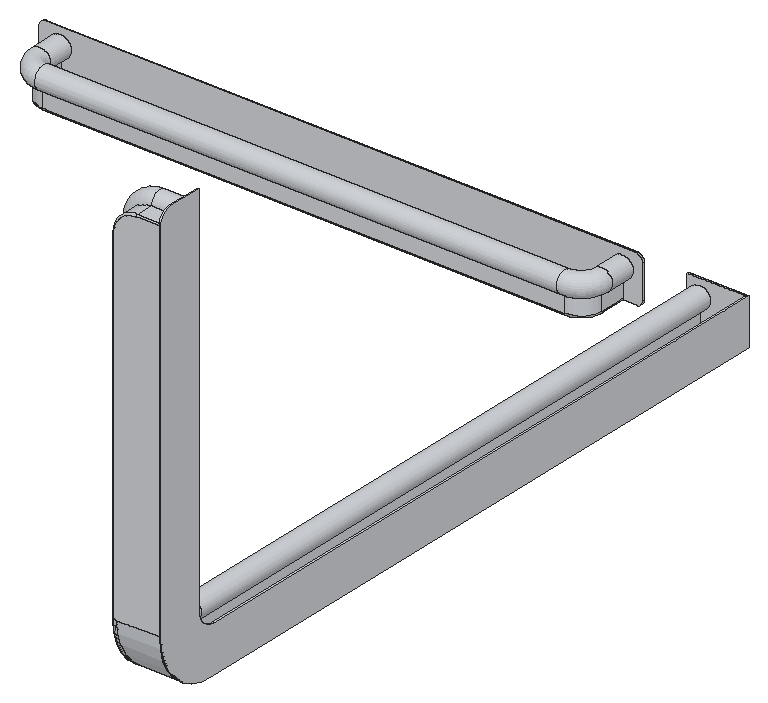
Revit family "AL1095+1096_AnitLigatureToilet Rail", category Generic Models, Revit 2013
Parameters
  Type Comments = ""
  Model = "AL1095/AL1096"
  Manufacturer = "SURE CARE"
  Description = "Anti Ligature Toilet Rail Set"
Reference planes
  plane 1 "Center (Front/Back)": y = 0
  plane 2: z = 0
  plane 3 "Center (Left/Right)": x = 0
  plane 4: z = 800
  plane 5: y = -1050
  plane 6: z = 784
Dimensions and locks
  aligned and locked: level to plane 2
  aligned and locked: plane 3 "Center (Left/Right)" to nested 2
  aligned and locked: plane 1 "Center (Front/Back)" to nested 2
  aligned and locked: plane 1 "Center (Front/Back)" to nested 1
Nested families
  nested 1: "Sub_Component_1095-1096" at (-155, 0, 0), type "Sub_Component_1095-1096"
  nested 2: "Sub_Component_1095-1096-1" at (0, 0, 0), type "Sub_Component_1095-1096-1"
Definition of nested family "Sub_Component_1095-1096"
  Parameters (values of type "Sub_Component_1095-1096")
    URL = "http://www.surecare.com.au"
    Side A Length (Back) = 900 mm
    Model = "AL"
    Manufacturer = "SURE CARE"
    Description = "Anti Ligature Grab Rail"
  Reference planes
    plane 1 "Center (Front/Back)": y = 0
    plane 2: z = 0
    plane 3 "Center (Left/Right)": x = 0
    plane 4 "Back Rail Center": y = -71
    plane 5 "Back Rail End": x = -869
    plane 6 "Rail Center Height": z = 784
    plane 7: z = 800
    plane 8: x = -900
    plane 9: x = -31
  Forms (mm)
    Sweep 1, solid
      path origin (0, 0, 784) x (-1, 0, 0) y (0, -1, 0)
        loop
          line (868, 2) -> (868, 41)
          arc (868, 41) -> (859.213, 62.213) -> (838, 71) r 30
          line (838, 71) -> (61, 71)
          arc (61, 71) -> (39.787, 62.213) -> (31, 41) r 30
          line (31, 41) -> (31, 2)
      profile origin (-868, -21.5, 784) x (1, 0, 0) y (0, 0, 1)
        loop
          line (-1, -15.969) -> (-1, -42)
          arc (-1, -42) -> (-0.414, -43.414) -> (1, -44) r 2
          line (1, -44) -> (6, -44) -> (6, -42) -> (1, -42) -> (1, -15.969)
          arc (1, -15.969) -> (0, 16) -> (-1, -15.969) r 16
    Extrusion 2, solid
      sketch origin (-867, -2, 742) x (0, -1, 0) y (1, 0, 0)
        loop
          arc (63, 812) -> (55.971, 828.971) -> (39, 836) r 24
          line (39, 836) -> (0, 836) -> (0, 5) -> (39, 5)
          arc (39, 5) -> (55.971, 12.029) -> (63, 29) r 24
          line (63, 29) -> (63, 812)
      from 0 to -2
    Extrusion 3, solid
      sketch origin (0, 0, 0) x (1, 0, 0) y (0, 0, 1)
        loop
          arc (-890, 810) -> (-897.071, 807.071) -> (-900, 800) r 10
          line (-900, 800) -> (-900, 750)
          arc (-900, 750) -> (-897.071, 742.929) -> (-890, 740) r 10
          line (-890, 740) -> (-10, 740)
          arc (-10, 740) -> (-2.929, 742.929) -> (0, 750) r 10
          line (0, 750) -> (0, 800)
          arc (0, 800) -> (-2.929, 807.071) -> (-10, 810) r 10
          line (-10, 810) -> (-890, 810)
      from 0 to 2
  Cuts and joins
    joined: Sweep 1, Extrusion 2
  Lines and regions (mm)
    symbolic lines
      curve 1: arc (-869, -2, 768.031) -> (-884.984, -2, 784.016) -> (-869, -2, 800) r 15.984
      curve 2: arc (-31, -2, 768.031) -> (-15.016, -2, 784.016) -> (-31, -2, 800) r 15.984
  Dimensions and locks
    plane 6 "Rail Center Height" to level = 784 mm
    locked: plane 8 to plane 5 "Back Rail End" at 31
    locked: plane 9 to plane 3 "Center (Left/Right)" at 31
    "Side A Length (Back)": plane 8 to plane 3 "Center (Left/Right)"
    aligned and locked: level to plane 2
    aligned and locked: plane 9 to Sweep 1 sketch curve
    aligned and locked: plane 9 to cut or joined group of Sweep 1, Extrusion 2
    aligned and locked: plane 3 "Center (Left/Right)" to Extrusion 3
  Automatic sketch dimensions
    Sweep 1 sketch curve to plane 4 "Back Rail Center" = 0 mm
    Sweep 1 sketch curve to plane 9 = 30 mm
    plane 5 "Back Rail End" to Sweep 1 sketch curve = 31 mm
    plane 5 "Back Rail End" to Sweep 1 sketch curve = 1 mm
    plane 1 "Center (Front/Back)" to Sweep 1 sketch curve = 2 mm  (x2)
    Sweep 1 sketch curve to plane 6 "Rail Center Height" = 0 mm
    profile plane to Sweep 1 sketch curve = 0 mm
    profile plane to Sweep 1 sketch curve = 1 mm
    Sweep 1 sketch curve to profile plane = 1 mm  (x2)
    Sweep 1 sketch curve to Sweep 1 sketch curve = 5 mm
    Sweep 1 sketch curve to plane 6 "Rail Center Height" = 15.969 mm
    Sweep 1 sketch curve to Sweep 1 sketch curve = 26.031 mm
    Sweep 1 sketch curve to Sweep 1 sketch curve = 2 mm
    Sweep 1 to Extrusion 2 sketch curve = 0 mm
    Sweep 1 to Extrusion 2 sketch curve = 18 mm
    Sweep 1 to Extrusion 2 sketch curve = 24 mm
    curve 2 to Extrusion 3 = 31 mm
    curve 1 to Extrusion 3 = 31 mm
    curve 1 to Extrusion 3 = 28.031 mm
    curve 2 to Extrusion 3 = 28.031 mm
    curve 2 to curve 2 = 15.984 mm
    curve 1 to curve 1 = 15.984 mm
    Extrusion 3 sketch curve to plane 8 = 0 mm
    Extrusion 3 sketch curve to plane 7 = 0 mm  (x2)
    Extrusion 3 sketch curve to plane 3 "Center (Left/Right)" = 0 mm
    plane 8 to Extrusion 3 sketch curve = 10 mm
    plane 7 to Extrusion 3 sketch curve = 10 mm
    Extrusion 3 sketch curve to plane 3 "Center (Left/Right)" = 10 mm
    Extrusion 3 sketch curve to plane 6 "Rail Center Height" = 34 mm
    radius of Extrusion 2 sketch curve to Sweep 1 = 0 mm
Definition of nested family "Sub_Component_1095-1096-1"
  Parameters (values of type "Sub_Component_1095-1096-1")
    URL = "http://www.surecare.com.au"
    Model = ""
    Manufacturer = "SURE CARE"
    Description = "SubComponent of AL 1095/1096"
  Reference planes
    plane 1 "Center (Front/Back)": y = 0
    plane 2: z = 0
    plane 3 "Center (Left/Right)": x = 0
    plane 4 "Side Rail Center": x = -71
    plane 5 "Rail Center Height": z = 784
    plane 6 "Side Rail End": y = -1050
    plane 7: z = 1384
    plane 8: z = 800
    plane 9: x = -55
  Forms (mm)
    Sweep 1, solid
      path origin (0, 0, 784) x (-1, 0, 0) y (0, -1, 0)
        loop
          line (71, 2) -> (71, 950)
      profile origin (-71, -476, 784) x (1, 0, 0) y (0, 0, 1)
        loop
          line (-1, -15.969) -> (-1, -42)
          arc (-1, -42) -> (-0.414, -43.414) -> (1, -44) r 2
          line (1, -44) -> (6, -44) -> (6, -42) -> (1, -42) -> (1, -15.969)
          arc (1, -15.969) -> (0, 16) -> (-1, -15.969) r 16
    Sweep 2, solid
      path origin (-71, 0, 0) x (0, 1, 0) y (0, 0, 1)
        loop
          line (-950, 784) -> (-1000, 784)
          arc (-1000, 784) -> (-1035.355, 798.645) -> (-1050, 834) r 50
          line (-1050, 834) -> (-1050, 1284)
      profile origin (-71, -975, 784) x (0, 0, -1) y (1, 0, 0)
        loop
          line (15.969, -1) -> (42, -1)
          arc (42, -1) -> (43.414, -0.414) -> (44, 1) r 2
          line (44, 1) -> (44, 6) -> (42, 6) -> (42, 1) -> (15.969, 1)
          arc (15.969, 1) -> (-16, 0) -> (15.969, -1) r 16
    Sweep 3, solid
      path origin (0, -1050, 0) x (0, 0, 1) y (-1, 0, 0)
        loop
          line (1384, 2) -> (1384, 36)
          arc (1384, 36) -> (1373.749, 60.749) -> (1349, 71) r 35
          line (1349, 71) -> (1284, 71)
      profile origin (-19, -1050, 1384) x (0, 0, -1) y (0, -1, 0)
        loop
          arc (-1, 15.969) -> (0, -16) -> (1, 15.969) r 16
          line (1, 15.969) -> (1, 42) -> (6, 42) -> (6, 44) -> (1, 44)
          arc (1, 44) -> (-0.414, 43.414) -> (-1, 42) r 2
          line (-1, 42) -> (-1, 15.969)
    Extrusion 4, solid
      sketch origin (0, 0, 0) x (1, 0, 0) y (0, 0, 1)
        loop
          line (-2, 810) -> (-87, 810)
          arc (-87, 810) -> (-89.121, 809.121) -> (-90, 807) r 3
          line (-90, 807) -> (-90, 740) -> (-2, 740) -> (-2, 810)
      from 0 to 2
    Extrusion 5, solid
      sketch origin (0, 0, 0) x (0, 1, 0) y (0, 0, 1)
        loop
          line (0, 810) -> (-994, 810)
          arc (-994, 810) -> (-1015.213, 818.787) -> (-1024, 840) r 30
          line (-1024, 840) -> (-1024, 1402) -> (-1074, 1402)
          arc (-1074, 1402) -> (-1088.142, 1396.142) -> (-1094, 1382) r 20
          line (-1094, 1382) -> (-1094, 834)
          arc (-1094, 834) -> (-1066.468, 767.532) -> (-1000, 740) r 94
          line (-1000, 740) -> (0, 740) -> (0, 810)
      from 0 to -2
    Sweep 6, solid
      path in 3D
        loop
          line (-2, 0, 740) -> (-2, -1000, 740)
          arc (-2, -1000, 740) -> (-2, -1066.468, 767.532) -> (-2, -1094, 834) r 94
      profile origin (-2, -500, 740) x (-1, 0, 0) y (0, 0, -1)
        loop
          line (63, 0) -> (0, 0) -> (0, -2) -> (63, -2) -> (63, 0)
    Extrusion 7, solid
      sketch origin (0, -1094, 865) x (0, 0, 1) y (-1, 0, 0)
        loop
          line (-31, 2) -> (513, 2) -> (513, 36)
          arc (513, 36) -> (504.506, 56.506) -> (484, 65) r 29
          line (484, 65) -> (-31, 65) -> (-31, 2)
      from 0 to -2
  Cuts and joins
    joined: Sweep 1, Sweep 2, Sweep 3, Sweep 6, Extrusion 7
    joined: Extrusion 4, Extrusion 5
  Lines and regions (mm)
    sketch lines
      curve 1: line (-2, 0, 740) -> (-2, -1000, 740)
      curve 2: arc (-2, -1094, 834) -> (-2, -1066.468, 767.532) -> (-2, -1000, 740) r 94
  Dimensions and locks
    plane 5 "Rail Center Height" to level = 784 mm
    plane 8 to plane 5 "Rail Center Height" = 16 mm
    plane 4 "Side Rail Center" to plane 9 = 16 mm
    Extrusion 5 sketch curve to Extrusion 5 sketch curve = 70 mm
    aligned and locked: level to plane 2
